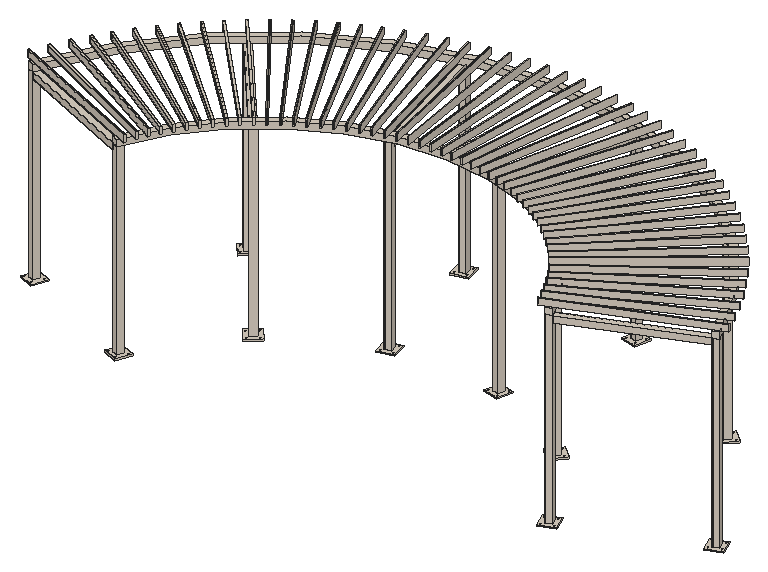
Revit family "Sun-Shades_HORUS_PalmSHIELD", category Generic Models, Revit 2021 (continued)
Definition of nested family "Horus Trelis"
  Parameters (values of type "Family1")
    Wind & Privacy AD on Option - Vertical Privacy Aluminum Slats [instance] = yes
    Wall Vertical Purlins = Y1 - 4' 0"  # 8' - 0"
    Wall Purlins Height [instance] = T Height - 0' 5"  # 2' - 1"
    Purlins Width = 0' - 2"
    Purlin Width = 0' - 2"
    Purlin Length = 9' - 0"
    Purlin Height = 0' - 6"
    Material = none
    T Height = 2' - 6"
    Default Elevation = 0' - 0"
    Angel = 67.50°
  Types (2): name | Y1 | Wall Vertical Purlins | Wall Purlins Height | Purlin Width | Purlin Length | Purlin Height | T Height | Angel
    Family1 | 12' - 0" | 8' - 0" | 2' - 1" | 0' - 2" | 9' - 0" | 0' - 6" | 2' - 6" | 67.50°
    Underhanging Beams | 18' - 6" | 14' - 6" | 7' - 7" | 0' - 1" | 8' - 0" | 0' - 4" | 8' - 0" | 55.00°
  Reference planes (in)
    plane 1 "Center (Front/Back)": y = 0
    plane 2: z = 0
    plane 3 "Center (Left/Right)": x = 0
    plane 4: through (0, 0, 48) normal (-0.3827, -0.9239, 0)
    plane 5: through (0, 0, 48) normal (-0.3827, 0.9239, 0)
    plane 6: through (0, 0, 48) normal (-0.4258, -0.9048, 0)
    plane 7: through (0, 0, 48) normal (-0.4258, 0.9048, 0)
    plane 8: z = 30
    plane 9: z = 4
    plane 10: z = 6
    plane 11: through (-76.63487, 89.7279, 48) normal (0.7604, 0.6494, 0)
    plane 12: through (-80.86633, 86.1139, 48) normal (0.729, 0.6845, 0)
    plane 13: through (0.76537, 1.84776, 48) normal (-0.3827, -0.9239, 0)
    plane 14: through (-0.76537, 1.84776, 48) normal (-0.3827, 0.9239, 0)
    plane 15: through (-78.15568, 88.42901, 48) normal (0.7604, 0.6494, 0)
  Forms (in)
    Sweep 1, solid, material <- "Material"
      path origin (0, 0, 0) x (1, 0, 0) y (0, 1, 0)
        loop
          arc (-63.85429, 71.68423) -> (-77.66563, 56.42738) -> (-87.90782, 38.5774) r 96
      profile origin (-77.66563, 56.42738, 0) x (0.809017, -0.587785, 0) y (0, 0, 1)
        loop
          line (2, 5) -> (-2, 5) -> (-2, 3) -> (2, 3) -> (2, 5)
        loop
          line (1.875, 4.875) -> (-1.875, 4.875) -> (-1.875, 3.125) -> (1.875, 3.125) -> (1.875, 4.875)
    Sweep 2, solid, material <- "Material"
      path origin (0, 0, 0) x (1, 0, 0) y (0, 1, 0)
        loop
          arc (-63.85429, 71.68423) -> (-77.66563, 56.42738) -> (-87.90782, 38.5774) r 96
      profile origin (-77.66563, 56.42738, 0) x (0.809017, -0.587785, 0) y (0, 0, 1)
        loop
          line (2, 32) -> (-2, 32) -> (-2, 30) -> (2, 30) -> (2, 32)
        loop
          line (1.875, 31.875) -> (-1.875, 31.875) -> (-1.875, 30.125) -> (1.875, 30.125) -> (1.875, 31.875)
  Dimensions and locks (in)
    "T Height": plane 8 to level
    plane 10 to plane 9 to level = 0' - 2" locked, 0' - 4" locked
    plane 8 to nested 1 = 0' - 0"
    Sweep 2 sketch curve to profile plane to Sweep 2 sketch curve = 0' - 2", 0' - 2"
    locked: Sweep 2 sketch curve to Sweep 2 sketch curve at 0.125  (x3)
    locked: Sweep 2 sketch curve to plane 8 at 0.125
    locked: plane 4 to plane 13 at 2
    locked: plane 14 to plane 5 at 2
    locked: plane 11 to plane 15 at 2
    "Wall Vertical Purlins": radius of radial array
    "Wall Vertical Purlins": radius of Sweep 1 sketch curve
    "Wall Vertical Purlins": radius of Sweep 2 sketch curve
    "Angel": angle plane 5 to plane 3 "Center (Left/Right)"
    "Angel": angle plane 3 "Center (Left/Right)" to plane 4
    locked: plane 6 to plane 4 (angle 2.70°)
    locked: plane 5 to plane 7 (angle 2.70°)
    aligned and locked: plane 2 to level
    aligned and locked: nested 6 to Sweep 2 sketch curve
    aligned and locked: plane 15 to Sweep 2 sketch curve
    aligned and locked: plane 13 to Sweep 2 sketch curve
    aligned and locked: plane 15 to Sweep 1 sketch curve
    aligned and locked: plane 13 to Sweep 1 sketch curve
  Automatic sketch dimensions
    profile plane to Sweep 1 sketch curve = 0' - 2"
    Sweep 1 sketch curve to profile plane = 0' - 2"
    level to Sweep 1 sketch curve = 0' - 3"
    Sweep 1 sketch curve to Sweep 1 sketch curve = 0' - 2"
    Sweep 1 sketch curve to Sweep 1 sketch curve = 0' - 0 1/8"  (x4)
    Sweep 2 sketch curve to Sweep 2 sketch curve = 0' - 1 3/4"
    plane 1 "Center (Front/Back)" to Sweep 1 sketch curve = 0' - 0"
    Sweep 1 sketch curve to plane 3 "Center (Left/Right)" = 0' - 0"
    plane 1 "Center (Front/Back)" to Sweep 2 sketch curve = 0' - 0"
    Sweep 2 sketch curve to plane 3 "Center (Left/Right)" = 0' - 0"
  Nested families (in)
    nested 1: "Vertical Purlin" at (-86.8634, 40.87481, 5) x (0.9048, -0.4258, 0) z (0, 0, 1), visible <- "Wind & Privacy AD on Option - Vertical Privacy Aluminum Slats", type "Vertical Purlin"
      with Purlins Height 0' - 4", Height 2' - 1"
    nested 2: "Vertical Purlin" at (-65.71652, 69.98099, 5) x (0.6845, -0.729, 0) z (0, 0, 1), visible <- "Wind & Privacy AD on Option - Vertical Privacy Aluminum Slats", type "Vertical Purlin"
      with Purlins Height 0' - 4", Height 2' - 1"
    nested 3: "Vertical Purlin" at (-84.8415, 44.92126, 5) x (0.8838, -0.4679, 0) z (0, 0, 1), visible <- "Wind & Privacy AD on Option - Vertical Privacy Aluminum Slats", type "Vertical Purlin"
      with Purlins Height 0' - 4", Height 2' - 1"
    nested 4: "Vertical Purlin" at (-82.63123, 48.86798, 5) x (0.8607, -0.509, 0) z (0, 0, 1), visible <- "Wind & Privacy AD on Option - Vertical Privacy Aluminum Slats", type "Vertical Purlin"
      with Purlins Height 0' - 4", Height 2' - 1"
    nested 5: "Vertical Purlin" at (-80.23751, 52.70619, 5) x (0.8358, -0.549, 0) z (0, 0, 1), visible <- "Wind & Privacy AD on Option - Vertical Privacy Aluminum Slats", type "Vertical Purlin"
      with Purlins Height 0' - 4", Height 2' - 1"
    nested 6: "Vertical Purlin" at (-77.66563, 56.42738, 5) x (0.809, -0.5878, 0) z (0, 0, 1), visible <- "Wind & Privacy AD on Option - Vertical Privacy Aluminum Slats", type "Vertical Purlin"
      with Purlins Height 0' - 4", Height 2' - 1"
    nested 7: "Vertical Purlin" at (-74.92132, 60.0233, 5) x (0.7804, -0.6252, 0) z (0, 0, 1), visible <- "Wind & Privacy AD on Option - Vertical Privacy Aluminum Slats", type "Vertical Purlin"
      with Purlins Height 0' - 4", Height 2' - 1"
    nested 8: "Vertical Purlin" at (-72.01066, 63.48594, 5) x (0.7501, -0.6613, 0) z (0, 0, 1), visible <- "Wind & Privacy AD on Option - Vertical Privacy Aluminum Slats", type "Vertical Purlin"
      with Purlins Height 0' - 4", Height 2' - 1"
    nested 9: "Vertical Purlin" at (-68.94012, 66.80763, 5) x (0.7181, -0.6959, 0) z (0, 0, 1), visible <- "Wind & Privacy AD on Option - Vertical Privacy Aluminum Slats", type "Vertical Purlin"
      with Purlins Height 0' - 4", Height 2' - 1"
  Definition of nested family "Vertical Purlin"
    Parameters (values of type "Vertical Purlin")
      Purlins Width = 0' - 2"
      Purlins Height = 0' - 3"
      Materials = none
      Height = 5' - 11.88692"
      Default Elevation = 0' - 0"
    Reference planes (in)
      plane 1 "Center (Front/Back)": y = 0
      plane 2: z = 0
      plane 3 "Center (Left/Right)": x = 0
      plane 4: x = -1.5
      plane 5: x = 1.5
      plane 6: y = 1
      plane 7: y = -1
      plane 8: x = -1.375
      plane 9: x = 1.375
      plane 10: y = 0.875
      plane 11: y = -0.875
      plane 12: z = 71.88692
    Forms (in)
      Extrusion 1, solid, material <- "Materials"
        sketch origin (0, 0, 0) x (1, 0, 0) y (0, 1, 0)
          loop
            line (-1.375, 0.875) -> (-1.375, -0.875) -> (1.375, -0.875) -> (1.375, 0.875) -> (-1.375, 0.875)
          loop
            line (-1.5, 1) -> (-1.5, -1) -> (1.5, -1) -> (1.5, 1) -> (-1.5, 1)
        from 0 to 71.88692
    Dimensions and locks (in)
      equal spacing: plane 6, plane 1 "Center (Front/Back)", plane 7
      equal spacing: plane 4, plane 3 "Center (Left/Right)", plane 5
      locked: plane 4 to plane 8 at 0.125
      locked: plane 9 to plane 5 at 0.125
      locked: plane 11 to plane 7 at 0.125
      locked: plane 6 to plane 10 at 0.125
      "Height": plane 12 to level
      "Purlins Width": plane 6 to plane 7
      "Purlins Height": plane 4 to plane 5
      aligned and locked: plane 2 to level
      aligned and locked: Extrusion 1 sketch curve to plane 10
      aligned and locked: Extrusion 1 sketch curve to plane 6
      aligned and locked: Extrusion 1 sketch curve to plane 8
      aligned and locked: Extrusion 1 sketch curve to plane 4
      aligned and locked: plane 9 to Extrusion 1 sketch curve
      aligned and locked: Extrusion 1 sketch curve to plane 5
      aligned and locked: Extrusion 1 sketch curve to plane 11
      aligned and locked: Extrusion 1 sketch curve to plane 7
      aligned and locked: plane 12 to Extrusion 1
Types (15): name | Z2 | Y1 | X1 | Wall Vertical Purlins | Vertical Center to Center | Underhanging Purlins Length | Redius_1 | Redius_2 | Purlin Width | Purlin Height | Privacy Aluminum Slats_Horizontal Aluminum | Planter Redius_1 | Planter Redius_2 | Material | Laser Cut Aluminum Panels | Finish | Column Center to Center | Center to Center
  (no name) | 6' - 8" | 15' - 6" | 11' - 6" | 11' - 0" | 0' - 3" | 8' - 0" | 19' - 0" | 12' - 0" | 0' - 1" | 0' - 4" | 39 | 11' - 10" | 10' - 4" | PalmSHIELD - Alloy | 11' - 10" | "PalmSHIELD - Aluminum" | 6' - 8" | 0' - 3"
  ALUMINUM PURLINS 1" x 3" | 6' - 8" | 15' - 6" | 11' - 6" | 11' - 0" | 0' - 3" | 8' - 0" | 19' - 0" | 12' - 0" | 0' - 1" | 0' - 3" | 39 | 11' - 10" | 10' - 4" | PalmSHIELD - Alloy | 11' - 10" | "PalmSHIELD - Aluminum" | 6' - 8" | 0' - 3"
  ALUMINUM PURLINS 1" x 4" | 6' - 8" | 15' - 6" | 11' - 6" | 11' - 0" | 0' - 3" | 8' - 0" | 19' - 0" | 12' - 0" | 0' - 1" | 0' - 4" | 39 | 11' - 10" | 10' - 4" | PalmSHIELD - Alloy | 11' - 10" | "PalmSHIELD - Aluminum" | 6' - 8" | 0' - 3"
  ALUMINUM PURLINS 2" x 2" | 6' - 11" | 11' - 4 1/2" | 7' - 4 1/2" | 6' - 10 1/2" | 0' - 4" | 8' - 3" | 15' - 0" | 7' - 9" | 0' - 2" | 0' - 2" | 29 | 7' - 7" | 6' - 1" | PalmSHIELD - Alloy | 7' - 7" | "PalmSHIELD - Aluminum" | 6' - 11" | 0' - 4"
  ALUMINUM PURLINS 2" x 3" | 6' - 8" | 15' - 6" | 11' - 6" | 11' - 0" | 0' - 4" | 8' - 0" | 19' - 0" | 12' - 0" | 0' - 2" | 0' - 3" | 29 | 11' - 10" | 10' - 4" | PalmSHIELD - Alloy | 11' - 10" | "PalmSHIELD - Aluminum" | 6' - 8" | 0' - 4"
  ALUMINUM PURLINS 2" x 4" | 6' - 8" | 15' - 6" | 11' - 6" | 11' - 0" | 0' - 4" | 8' - 0" | 19' - 0" | 12' - 0" | 0' - 2" | 0' - 4" | 29 | 11' - 10" | 10' - 4" | PalmSHIELD - Alloy | 11' - 10" | "PalmSHIELD - Aluminum" | 6' - 8" | 0' - 4"
  ALUMINUM PURLINS 2" x 5" | 6' - 8" | 15' - 6" | 11' - 6" | 11' - 0" | 0' - 4" | 8' - 0" | 19' - 0" | 12' - 0" | 0' - 2" | 0' - 5" | 29 | 11' - 10" | 10' - 4" | PalmSHIELD - Alloy | 11' - 10" | "PalmSHIELD - Aluminum" | 6' - 8" | 0' - 4"
  ALUMINUM PURLINS 2" x 6" | 6' - 8" | 15' - 6" | 11' - 6" | 11' - 0" | 0' - 4" | 8' - 0" | 19' - 0" | 12' - 0" | 0' - 2" | 0' - 6" | 29 | 11' - 10" | 10' - 4" | PalmSHIELD - Alloy | 11' - 10" | "PalmSHIELD - Aluminum" | 6' - 8" | 0' - 4"
  ALUMINUM PURLINS 2" x 8" | 6' - 8" | 15' - 6" | 11' - 6" | 11' - 0" | 0' - 4" | 8' - 0" | 19' - 0" | 12' - 0" | 0' - 2" | 0' - 8" | 29 | 11' - 10" | 10' - 4" | PalmSHIELD - Alloy | 11' - 10" | "PalmSHIELD - Aluminum" | 6' - 8" | 0' - 4"
  ALUMINUM PURLINS 3"" x 3" | 6' - 8" | 15' - 6" | 11' - 6" | 11' - 0" | 0' - 5" | 8' - 0" | 19' - 0" | 12' - 0" | 0' - 3" | 0' - 3" | 23 | 11' - 10" | 10' - 4" | PalmSHIELD - Alloy | 11' - 10" | "PalmSHIELD - Aluminum" | 6' - 8" | 0' - 5"
  Wood Finished 2" x 4" | 6' - 8" | 15' - 6" | 11' - 6" | 11' - 0" | 0' - 4" | 8' - 0" | 19' - 0" | 12' - 0" | 0' - 2" | 0' - 4" | 29 | 11' - 10" | 10' - 4" | PalmSHIELD - Black | 11' - 10" | "PalmSHIELD - Wood" | 6' - 8" | 0' - 4"
  Wood Finished 2" x 6" | 6' - 8" | 15' - 6" | 11' - 6" | 11' - 0" | 0' - 4" | 8' - 0" | 19' - 0" | 12' - 0" | 0' - 2" | 0' - 6" | 29 | 11' - 10" | 10' - 4" | PalmSHIELD - Alloy | 11' - 10" | "PalmSHIELD - Wood" | 6' - 8" | 0' - 4"
  Wood Finished 2" x 8" | 6' - 8" | 15' - 6" | 11' - 6" | 11' - 0" | 0' - 4" | 8' - 0" | 19' - 0" | 12' - 0" | 0' - 2" | 0' - 8" | 29 | 11' - 10" | 10' - 4" | PalmSHIELD - Alloy | 11' - 10" | "PalmSHIELD - Wood" | 6' - 8" | 0' - 4"
  Wood Finished 2" x 10" | 6' - 8" | 15' - 6" | 11' - 6" | 11' - 0" | 0' - 4" | 8' - 0" | 19' - 0" | 12' - 0" | 0' - 2" | 0' - 10" | 29 | 11' - 10" | 10' - 4" | PalmSHIELD - Gray | 11' - 10" | "PalmSHIELD - Wood" | 6' - 8" | 0' - 4"
  Wood Finished 4" x 4" | 6' - 8" | 15' - 6" | 11' - 6" | 11' - 0" | 0' - 6" | 8' - 0" | 19' - 0" | 12' - 0" | 0' - 4" | 0' - 4" | 19 | 11' - 10" | 10' - 4" | PalmSHIELD - Alloy | 11' - 10" | "PalmSHIELD - Wood" | 6' - 8" | 0' - 6"
